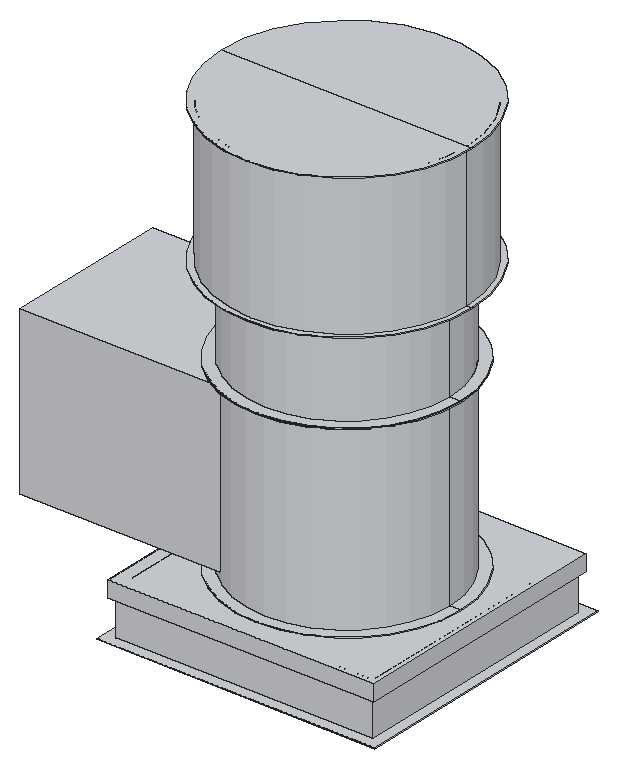
Revit family "AFBV-S_Roof_Exhauster", category Mechanical Equipment, Revit 2019
Family settings
  Round Connector Dimension = Use Diameter
  Part Type = Normal
  Work Plane-Based = No
  Always vertical = Yes
  Cut with Voids When Loaded = No
  Shared = No
  Room Calculation Point = No
Parameters (values of type "36_AFBV-S_ROOF_EXHAUSTER")
  VANE = 1' - 4"
  Unit Weight [instance] = ""
  UP_A_PLUS_VANE = UP_A + VANE  # 6' - 7"
  UP_A-E-3" = UP_A - E - 0' 3"  # 2' - 2"
  UP_A = 5' - 3"
  T_SQ = 4' - 0"
  RO/2 = RO / 2  # 1' - 9 3/4"
  RO = T_SQ - 0' 4 1/2"  # 3' - 7 1/2"
  ModelID [instance] = ""
  L/2 = L / 2  # 1' - 3 17/32"
  L = 2' - 7 1/16"
  K/2 = K / 2  # 0' - 0 7/32"
  K = 0' - 0 7/16"
  J/2 = J / 2  # 1' - 9 31/32"
  CURB_HEIGHT [instance] = 0' - 9 1/2"
  CURB [instance] = yes
  B/2*1.1 = B / 2 * 1.1  # 1' - 10.75625"
  Accessories [instance] = ""
  45 = 45.00°  # constant formula
  (T_SQ+.125")/2 = (T_SQ + 0' 0 1/4") / 2  # 2' - 0 1/8"
  (L-1")/2 = (L - 0' 1") / 2  # 1' - 3 1/32"
  (J+(J-A))/2 = (J + ((J - A) / 2)) / 2  # 1' - 11 45/64"
  J = 3' - 7 15/16"
  CENTER = 0' - 0"  # constant formula
  H-(A/2) = H - (A / 2)  # 2' - 4 3/4"
  H+J = H + CENTER  # 3' - 11 1/4"
  H = 3' - 11 1/4"
  Sones [instance] = ""
  Motor RPM [instance] = ""
  Motor Enclosure [instance] = ""
  LwA [instance] = ""
  G = 6' - 0"
  Fan RPM [instance] = ""
  F/2 = F / 2  # 0' - 0 7/32"
  F = 0' - 0 7/16"
  E/2 = E / 2  # 1' - 5"
  E-2" = E - 0' 2"  # 2' - 8"
  E = 2' - 10"
  C/2+J = C / 2 + CENTER  # 1' - 7 1/2"
  C/2 = C / 2  # 1' - 7 1/2"
  C = 3' - 3"
  B/2 = B / 2  # 1' - 8 11/16"
  B = 3' - 5 3/8"
  A/3 = A / 2.5  # 1' - 2.8"
  A/2 = A / 2  # 1' - 6 1/2"
  A = 3' - 1"
  60 = 60.00°  # constant formula
  30 = 30.00°  # constant formula
  3" = 0' - 3"  # constant formula
  Brake Hp [instance] = ""
  4" = 0' - 4"  # constant formula
  2' = 2' - 0"
  2" = 0' - 2"  # constant formula
  1" = 0' - 1"  # constant formula
  0 = 0' - 0"  # constant formula
  Voltage [instance] = 0 V
  URL = "www.lorencook.com"
  Type Comments = "Tube Axial Fan Stainless Steel Construction Roof Exhauster Belt Drive Arrangement 9"  # constant formula
  Static Pressure [instance] = 0.00 in-wg
  Power [instance] = Voltage * Motor FLA * sqrt(if(Phase = 3, 3, 1))  # 0 VA
  Phase [instance] = 0
  Number of Poles [instance] = 1
  Motor Hp [instance] = "0"
  Motor FLA [instance] = 0 A
  Model = "AFBV-S"  # constant formula
  Manufacturer = "Loren Cook Company"
  CFM [instance] = 0 CFM
  1.5 = 0' - 1 1/2"  # constant formula
  ONE EIGTH = 0' - 0 1/8"  # constant formula
  -E/2 = -E / 2  # -1' - 5"
  -(E-.25")/2 = -(E - 0' 0 1/4") / 2  # -1' - 4 7/8"
  (K/2)-((J-A-.25")/2) = (K / 2) - ((J - A - 0' 0 1/4") / 2)  # -0' - 3 1/8"
  (J-A-.25") = (J - A - 0' 0 1/4")  # 0' - 6 11/16"
  (H-(A/2))/2 = (H - (A / 2)) / 2  # 1' - 2 3/8"
  (E-.25")/2 = (E - 0' 0 1/4") / 2  # 1' - 4 7/8"
  (A+.25")/2 = (A + 0' 0 1/4") / 2  # 1' - 6 5/8"
Types (10): name | VANE | UP_A_PLUS_VANE | UP_A-E-3" | UP_A | T_SQ | RO/2 | RO | L/2 | L | K/2 | K | J/2 | B/2*1.1 | (T_SQ+.125")/2 | (L-1")/2 | (J+(J-A))/2 | J | H-(A/2) | H+J | H | F/2 | F | E/2 | E-2" | E | C/2+J | C/2 | C | B/2 | B | A/3 | A/2 | A | -E/2 | -(E-.25")/2 | (K/2)-((J-A-.25")/2) | (J-A-.25") | (H-(A/2))/2 | (E-.25")/2 | (A+.25")/2
  (no name) | 1' - 4" | 6' - 7" | 2' - 2" | 5' - 3" | 4' - 0" | 1' - 9 3/4" | 3' - 7 1/2" | 1' - 3 17/32" | 2' - 7 1/16" | 0' - 0 7/32" | 0' - 0 7/16" | 1' - 9 31/32" | 1' - 10.75625" | 2' - 0 1/8" | 1' - 3 1/32" | 1' - 11 45/64" | 3' - 7 15/16" | 2' - 4 3/4" | 3' - 11 1/4" | 3' - 11 1/4" | 0' - 0 7/32" | 0' - 0 7/16" | 1' - 5" | 2' - 8" | 2' - 10" | 1' - 7 1/2" | 1' - 7 1/2" | 3' - 3" | 1' - 8 11/16" | 3' - 5 3/8" | 1' - 2.8" | 1' - 6 1/2" | 3' - 1" | -1' - 5" | -1' - 4 7/8" | -0' - 3 1/8" | 0' - 6 11/16" | 1' - 2 3/8" | 1' - 4 7/8" | 1' - 6 5/8"
  12_AFBV-S_ROOF_EXHAUSTER | 0' - 6" | 3' - 6" | 0' - 11" | 3' - 0" | 1' - 10" | 0' - 8 3/4" | 1' - 5 1/2" | 0' - 6 3/8" | 1' - 0 3/4" | 0' - 0 3/16" | 0' - 0 3/8" | 0' - 9 1/32" | 0' - 8 19/32" | 0' - 11 1/8" | 0' - 5 7/8" | 0' - 10 21/64" | 1' - 6 1/16" | 1' - 6 3/16" | 2' - 0 5/8" | 2' - 0 5/8" | 0' - 0 5/32" | 0' - 0 5/16" | 0' - 11" | 1' - 8" | 1' - 10" | 0' - 7 5/16" | 0' - 7 5/16" | 1' - 2 5/8" | 0' - 7 13/16" | 1' - 3 5/8" | 0' - 5.15" | 0' - 6 7/16" | 1' - 0 7/8" | -0' - 11" | -0' - 10 7/8" | -0' - 2 9/32" | 0' - 4 15/16" | 0' - 9 3/32" | 0' - 10 7/8" | 0' - 6 9/16"
  16_AFBV-S_ROOF_EXHAUSTER | 0' - 10" | 4' - 1" | 0' - 11" | 3' - 3" | 2' - 2" | 0' - 10 3/4" | 1' - 9 1/2" | 0' - 7 13/16" | 1' - 3 5/8" | 0' - 0 3/16" | 0' - 0 3/8" | 0' - 11 1/32" | 0' - 10.79375" | 1' - 1 1/8" | 0' - 7 5/16" | 1' - 0 21/64" | 1' - 10 1/16" | 1' - 9 11/16" | 2' - 6 1/8" | 2' - 6 1/8" | 0' - 0 5/32" | 0' - 0 5/16" | 1' - 0 1/2" | 1' - 11" | 2' - 1" | 0' - 9 5/16" | 0' - 9 5/16" | 1' - 6 5/8" | 0' - 9 13/16" | 1' - 7 5/8" | 0' - 6 3/4" | 0' - 8 7/16" | 1' - 4 7/8" | -1' - 0 1/2" | -1' - 0 3/8" | -0' - 2 9/32" | 0' - 4 15/16" | 0' - 10 27/32" | 1' - 0 3/8" | 0' - 8 9/16"
  18_AFBV-S_ROOF_EXHAUSTER | 0' - 11" | 4' - 10" | 1' - 7" | 3' - 11" | 2' - 4" | 0' - 11 3/4" | 1' - 11 1/2" | 0' - 8 1/2" | 1' - 5" | 0' - 0 3/16" | 0' - 0 3/8" | 1' - 0 1/32" | 0' - 11.89375" | 1' - 2 1/8" | 0' - 8" | 1' - 1 21/64" | 2' - 0 1/16" | 1' - 9 11/16" | 2' - 7 1/8" | 2' - 7 1/8" | 0' - 0 5/32" | 0' - 0 5/16" | 1' - 0 1/2" | 1' - 11" | 2' - 1" | 0' - 10 5/16" | 0' - 10 5/16" | 1' - 8 5/8" | 0' - 10 13/16" | 1' - 9 5/8" | 0' - 7.55" | 0' - 9 7/16" | 1' - 6 7/8" | -1' - 0 1/2" | -1' - 0 3/8" | -0' - 2 9/32" | 0' - 4 15/16" | 0' - 10 27/32" | 1' - 0 3/8" | 0' - 9 9/16"
  24_AFBV-S_ROOF_EXHAUSTER | 1' - 1" | 5' - 7" | 1' - 8" | 4' - 6" | 3' - 0" | 1' - 3 3/4" | 2' - 7 1/2" | 0' - 10 7/8" | 1' - 9 3/4" | 0' - 0 3/16" | 0' - 0 3/8" | 1' - 3 13/32" | 1' - 4.01875" | 1' - 6 1/8" | 0' - 10 3/8" | 1' - 4 57/64" | 2' - 6 13/16" | 2' - 3 7/16" | 3' - 3 7/8" | 3' - 3 7/8" | 0' - 0 7/32" | 0' - 0 7/16" | 1' - 3 1/2" | 2' - 5" | 2' - 7" | 1' - 1 7/16" | 1' - 1 7/16" | 2' - 2 7/8" | 1' - 2 9/16" | 2' - 5 1/8" | 0' - 9.95" | 1' - 0 7/16" | 2' - 0 7/8" | -1' - 3 1/2" | -1' - 3 3/8" | -0' - 2 21/32" | 0' - 5 11/16" | 1' - 1 23/32" | 1' - 3 3/8" | 1' - 0 9/16"
  28_AFBV-S_ROOF_EXHAUSTER | 1' - 1" | 5' - 7" | 1' - 8" | 4' - 6" | 3' - 6" | 1' - 6 3/4" | 3' - 1 1/2" | 1' - 0 5/16" | 2' - 0 5/8" | 0' - 0 3/16" | 0' - 0 3/8" | 1' - 5 13/32" | 1' - 6 7/32" | 1' - 9 1/8" | 0' - 11 13/16" | 1' - 6 57/64" | 2' - 10 13/16" | 2' - 3 7/16" | 3' - 5 7/8" | 3' - 5 7/8" | 0' - 0 7/32" | 0' - 0 7/16" | 1' - 3 1/2" | 2' - 5" | 2' - 7" | 1' - 3 7/16" | 1' - 3 7/16" | 2' - 6 7/8" | 1' - 4 9/16" | 2' - 9 1/8" | 0' - 11.55" | 1' - 2 7/16" | 2' - 4 7/8" | -1' - 3 1/2" | -1' - 3 3/8" | -0' - 2 21/32" | 0' - 5 11/16" | 1' - 1 23/32" | 1' - 3 3/8" | 1' - 2 9/16"
  32_AFBV-S_ROOF_EXHAUSTER | 1' - 3" | 6' - 6" | 2' - 2" | 5' - 3" | 3' - 6" | 1' - 6 3/4" | 3' - 1 1/2" | 1' - 2 1/8" | 2' - 4 1/4" | 0' - 0 7/32" | 0' - 0 7/16" | 1' - 7 31/32" | 1' - 8.4875" | 1' - 9 1/8" | 1' - 1 5/8" | 1' - 9 45/64" | 3' - 3 15/16" | 2' - 4 3/4" | 3' - 9 1/4" | 3' - 9 1/4" | 0' - 0 7/32" | 0' - 0 7/16" | 1' - 5" | 2' - 8" | 2' - 10" | 1' - 5 1/2" | 1' - 5 1/2" | 2' - 11" | 1' - 6 5/8" | 3' - 1 1/4" | 1' - 1.2" | 1' - 4 1/2" | 2' - 9" | -1' - 5" | -1' - 4 7/8" | -0' - 3 1/8" | 0' - 6 11/16" | 1' - 2 3/8" | 1' - 4 7/8" | 1' - 4 5/8"
  36_AFBV-S_ROOF_EXHAUSTER | 1' - 4" | 6' - 7" | 2' - 2" | 5' - 3" | 4' - 0" | 1' - 9 3/4" | 3' - 7 1/2" | 1' - 3 17/32" | 2' - 7 1/16" | 0' - 0 7/32" | 0' - 0 7/16" | 1' - 9 31/32" | 1' - 10.75625" | 2' - 0 1/8" | 1' - 3 1/32" | 1' - 11 45/64" | 3' - 7 15/16" | 2' - 4 3/4" | 3' - 11 1/4" | 3' - 11 1/4" | 0' - 0 7/32" | 0' - 0 7/16" | 1' - 5" | 2' - 8" | 2' - 10" | 1' - 7 1/2" | 1' - 7 1/2" | 3' - 3" | 1' - 8 11/16" | 3' - 5 3/8" | 1' - 2.8" | 1' - 6 1/2" | 3' - 1" | -1' - 5" | -1' - 4 7/8" | -0' - 3 1/8" | 0' - 6 11/16" | 1' - 2 3/8" | 1' - 4 7/8" | 1' - 6 5/8"
  14_AFBV-S_ROOF_EXHAUSTER | 0' - 8" | 3' - 8" | 0' - 11" | 3' - 0" | 1' - 10" | 0' - 8 3/4" | 1' - 5 1/2" | 0' - 7 3/32" | 1' - 2 3/16" | 0' - 0 3/16" | 0' - 0 3/8" | 0' - 10 1/32" | 0' - 9.72813" | 0' - 11 1/8" | 0' - 6 19/32" | 0' - 11 21/64" | 1' - 8 1/16" | 1' - 6 3/16" | 2' - 1 5/8" | 2' - 1 5/8" | 0' - 0 5/32" | 0' - 0 5/16" | 0' - 11" | 1' - 8" | 1' - 10" | 0' - 8 5/16" | 0' - 8 5/16" | 1' - 4 5/8" | 0' - 8 27/32" | 1' - 5 11/16" | 0' - 5.95" | 0' - 7 7/16" | 1' - 2 7/8" | -0' - 11" | -0' - 10 7/8" | -0' - 2 9/32" | 0' - 4 15/16" | 0' - 9 3/32" | 0' - 10 7/8" | 0' - 7 9/16"
  20_AFBV-S_ROOF_EXHAUSTER | 1' - 0" | 5' - 6" | 1' - 8" | 4' - 6" | 3' - 0" | 1' - 3 3/4" | 2' - 7 1/2" | 0' - 9 5/16" | 1' - 6 5/8" | 0' - 0 3/16" | 0' - 0 3/8" | 1' - 1 5/32" | 1' - 1.02812" | 1' - 6 1/8" | 0' - 8 13/16" | 1' - 2 33/64" | 2' - 2 5/16" | 1' - 9 11/16" | 2' - 8 1/8" | 2' - 8 1/8" | 0' - 0 5/32" | 0' - 0 5/16" | 1' - 3 1/2" | 2' - 5" | 2' - 7" | 0' - 11 3/16" | 0' - 11 3/16" | 1' - 10 3/8" | 0' - 11 27/32" | 1' - 11 11/16" | 0' - 8.35" | 0' - 10 7/16" | 1' - 8 7/8" | -1' - 3 1/2" | -1' - 3 3/8" | -0' - 2 13/32" | 0' - 5 3/16" | 0' - 10 27/32" | 1' - 3 3/8" | 0' - 10 9/16"
Reference planes (in)
  plane 1 "Center (Front/Back)": y = 0
  plane 2: z = 0
  plane 3 "Center (Left/Right)": x = 0.40541
Forms (in)
  Revolve 1, solid
    sketch origin (0, 0, 0) x (1, 0, 0) y (0, 0, 1)
      loop
        line (0.40541, 3) -> (21.09291, 3) -> (21.09291, 3.125) -> (19.03041, 3.125) -> (19.03041, 36.875) -> (21.09291, 36.875) -> (21.09291, 37) -> (0.40541, 37) -> (0.40541, 3)
      axis (0.40541, 3) -> (0.40541, 37)
    angle from 0 to 360
  Extrusion 2, solid
    sketch origin (0.40541, 0, 36.875) x (1, 0, 0) y (0, -1, 0)
      loop
        arc (-10.99782, -15.03125) -> (-18.625, 0) -> (-10.99782, 15.03125) r 18.625
        line (-10.99782, 15.03125) -> (-47.25, 15.03125) -> (-47.25, -15.03125) -> (-10.99782, -15.03125)
    from 32 <- "E-2"" to 2
  Extrusion 3, void
    sketch origin (0, 0, 0) x (1, 0, 0) y (0, 1, 0)
      loop
        circle (0.40541, 0) r 0.125
    from -17 <- "-E/2" to 17 <- "E/2"
  Extrusion 4, solid
    sketch origin (0, 0, 0) x (1, 0, 0) y (0, 1, 0)
      loop
        line (-23.71959, 24.125) -> (-23.71959, -24.125) -> (24.53041, -24.125) -> (24.53041, 24.125) -> (-23.71959, 24.125)
    from 0 to 3
  Extrusion 5, void
    sketch origin (0, 0, 0) x (1, 0, 0) y (0, 1, 0)
      loop
        line (-23.59459, 24) -> (-23.59459, -24) -> (24.40541, -24) -> (24.40541, 24) -> (-23.59459, 24)
    from 0 to 2.875
  Revolve 6, solid
    sketch origin (0, 0, 0) x (1, 0, 0) y (0, 0, 1)
      loop
        line (0.40541, 52.875) -> (23.16166, 52.875) -> (23.16166, 53) -> (22.16166, 53) -> (22.16166, 78.875) -> (23.16166, 78.875) -> (23.16166, 79) -> (0.40541, 79) -> (0.40541, 52.875)
      axis (0.40541, 79) -> (0.40541, 52.875)
    angle from 0 to 360
  Extrusion 7, solid, visible <- "CURB"
    sketch origin (0, 0, 2.875) x (0, 1, 0) y (1, 0, 0)
      loop
        line (21.75, -21.34459) -> (21.75, 22.15541) -> (-21.75, 22.15541) -> (-21.75, -21.34459) -> (21.75, -21.34459)
      loop
        line (-23.25, 23.65541) -> (-23.25, -22.84459) -> (23.25, -22.84459) -> (23.25, 23.65541) -> (-23.25, 23.65541)
    from 0 to 9.5 <- "CURB_HEIGHT"
  Extrusion 8, solid, visible <- "CURB"
    sketch origin (0, 0, -6.625) x (-1, 0, 0) y (0, 1, 0)
      loop
        line (22.84459, -23.25) -> (22.84459, 23.25) -> (-23.65541, 23.25) -> (-23.65541, -23.25) -> (22.84459, -23.25)
      loop
        line (-25.65541, 25.25) -> (-25.65541, -25.25) -> (24.84459, -25.25) -> (24.84459, 25.25) -> (-25.65541, 25.25)
    from 0 to -0.125
  Revolve 9, solid
    sketch origin (0, 0, 0) x (1, 0, 0) y (0, 0, 1)
      loop
        line (21.09291, 37) -> (21.09291, 37.125) -> (19.03041, 37.125) -> (19.03041, 52.875) -> (21.09291, 52.875) -> (21.09291, 53) -> (18.90541, 53) -> (18.90541, 37) -> (21.09291, 37)
      axis (0.40541, 37) -> (0.40541, 53)
    angle from 0 to 360
Cuts and joins
  Extrusion 3 cuts Revolve 1
  Extrusion 3 cuts Extrusion 2
  Extrusion 5 cuts Extrusion 4
Dimensions and locks (in)
  "0": Revolve 1 sketch curve to plane 3 "Center (Left/Right)"  (x2)
  "(A+.25")/2": Revolve 1 sketch curve to plane 3 "Center (Left/Right)"
  "B/2": Revolve 1 sketch curve to plane 3 "Center (Left/Right)"  (x2)
  "ONE EIGTH": Revolve 1 sketch curve to Revolve 1 sketch curve  (x2)
  "E": Revolve 1 sketch curve to Revolve 1 sketch curve
  "3"": Revolve 1 sketch curve to level
  "H": Extrusion 2 sketch curve to plane 3 "Center (Left/Right)"
  "(L-1")/2": Extrusion 2 sketch curve to plane 1 "Center (Front/Back)"  (x2)
  "0": Extrusion 2 sketch curve to plane 3 "Center (Left/Right)"
  "0": Extrusion 2 sketch curve to plane 1 "Center (Front/Back)"
  "0": Extrusion 3 sketch curve to plane 3 "Center (Left/Right)"
  "0": plane 1 "Center (Front/Back)" to Extrusion 3 sketch curve
  "(T_SQ+.125")/2": Extrusion 4 sketch curve to plane 3 "Center (Left/Right)"
  "(T_SQ+.125")/2": plane 3 "Center (Left/Right)" to Extrusion 4 sketch curve
  "(T_SQ+.125")/2": plane 1 "Center (Front/Back)" to Extrusion 4 sketch curve
  "(T_SQ+.125")/2": Extrusion 4 sketch curve to plane 1 "Center (Front/Back)"
  "ONE EIGTH": Extrusion 5 sketch curve to Extrusion 4  (x3)
  "ONE EIGTH": Extrusion 4 to Extrusion 5 sketch curve
  "UP_A_PLUS_VANE": Revolve 6 sketch curve to level
  "VANE": Revolve 6 sketch curve to cut or joined group of Revolve 1, Extrusion 3
  "0": Revolve 6 sketch curve to plane 3 "Center (Left/Right)"  (x2)
  "B/2*1.1": Revolve 6 sketch curve to plane 3 "Center (Left/Right)"  (x2)
  "ONE EIGTH": Revolve 6 sketch curve to Revolve 6 sketch curve  (x2)
  "1"": Revolve 6 sketch curve to Revolve 6 sketch curve  (x2)
  "1.5": Extrusion 7 sketch curve to Extrusion 7 sketch curve  (x4)
  "RO/2": Extrusion 7 sketch curve to plane 3 "Center (Left/Right)"
  "RO/2": plane 3 "Center (Left/Right)" to Extrusion 7 sketch curve
  "RO/2": plane 1 "Center (Front/Back)" to Extrusion 7 sketch curve
  "RO/2": Extrusion 7 sketch curve to plane 1 "Center (Front/Back)"
  "2"": Extrusion 8 sketch curve to Extrusion 8 sketch curve  (x4)
  "0": Extrusion 7 to Extrusion 8 sketch curve
  "0": Extrusion 8 sketch curve to Extrusion 7  (x3)
  "0": Revolve 9 sketch curve to plane 3 "Center (Left/Right)"
  "(A+.25")/2": Revolve 9 sketch curve to plane 3 "Center (Left/Right)"
  "B/2": Revolve 9 sketch curve to plane 3 "Center (Left/Right)"  (x2)
  "ONE EIGTH": Revolve 9 sketch curve to Revolve 9 sketch curve  (x3)
  "VANE": Revolve 9 sketch curve to Revolve 9 sketch curve
  "0": Revolve 9 sketch curve to cut or joined group of Revolve 1, Extrusion 3
  "(A+.25")/2": radius of Extrusion 2 sketch curve
  "ONE EIGTH": radius of Extrusion 3 sketch curve
Automatic sketch dimensions
  Extrusion 2 sketch curve to Extrusion 2 sketch curve = 0' - 0"
  Revolve 1 sketch curve to Revolve 1 sketch curve = 0' - 0"
  Revolve 1 sketch curve to Revolve 1 sketch curve = 1' - 6"
  Revolve 6 sketch curve to Revolve 6 sketch curve = 0' - 6"
  Revolve 6 sketch curve to Revolve 6 sketch curve = 1' - 4"
  Revolve 9 sketch curve to Revolve 9 sketch curve = 1' - 4"
  Revolve 9 sketch curve to Revolve 9 sketch curve = 0' - 8"
Connectors (in)
  electrical at (-28.7185, -15.03125, 19.875)
    settings: on Extrusion 2, index 1, voltage 0 V, apparent load 0 VA, apparent load phase1 0 VA, apparent load phase2 0 VA, apparent load phase3 0 VA, power factor 1, load classification "Other", number of poles 1, system type 30, power factor state 1, is connector primary yes, connector utility no, sub classification motor no, connector description ""
  hvac at (0.40541, 0, 2.875), driven by "CFM", driven by "RO", driven by "RO"
    settings: on cut or joined group of Extrusion 4, Extrusion 5, index 2, duct flow 0 CFM, flow factor 0, pres drop 0.00 in-wg, loss coef 0, conn angle 0.00°, conn width 43 1/2", conn height 43 1/2", conn diameter 24", duct sys type 3, conn prof type 1, flow config 0, flow direction 1, loss method 0, conn ref index -1, conn util no, is conn primary yes, conn desc ""
